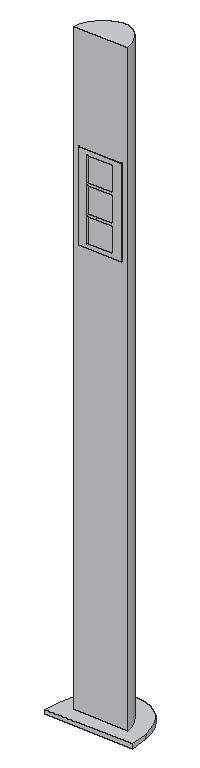
Revit family "Gira_134226", category Electrical Fixtures, host Face, Revit 2017
Family settings
  Host = Face
  Maintain Annotation Orientation = Yes
  Round Connector Dimension = Use Diameter
  Part Type = Normal
  Cut with Voids When Loaded = No
  Shared = No
  Room Calculation Point = No
Parameters (values of type "En.prof. light + 3x SCHUKO SH 769 mm Gira energy profile c.alum.")
  Width = "0,142"
  URL = "http://katalog.gira.de/en/datenblatt.html?artikelnr=134226"
  Switching function = "None"
  Number of socket outlets = "2"
  Name = "En.prof. light + 3x SCHUKO SH 769 mm Gira energy profile c.alum."
  Manufacturer URL = "https://www.gira.de/"
  Manufacturer = "Gira"
  Keynote = ""
  HeinzeBIM = "https://bimportal.heinze.de/bim/en-prof-light-3x-schuko-sh-769-mm-gira-energy-profile-c-alum-/f5eaa8759ed4a93ff027ce52888702f822e8b7cc"
  Height = "0,769"
  HAN = "134226"
  GTIN = "4010337342267"
  Description = "769 mm light 3x SCHUKO SH E-pro CAl,Gira energy profile with light element, height 769 mm,3 SCHUKO socket outlets with integrated enhanced contact protection (shutter) and symbol ,colour aluminium,Gira energy profile and light profiles with or without light elements for outdoor use. The profiles are made of powder-coated aluminium. For profiles of up to 1400 mm, the base elements are also made of powder-coated aluminium. For profiles of 1400 mm or more, the base elements are made of powder-coated steel. In each case, in the colour anthracite in accordance with the GSB standard. The surface is resistant to weather, UV, soiling, and scratching.,,Features:,- Gira energy profile with light element and three SCHUKO socket outlets.,- The light element consists of an aluminium reflector and an impact-resistant acrylic glass plate.,- Light is also emitted from the rear as orientation light.,- The top two socket outlets are rotated by 30.,- The connection is made using a 5-pole screw terminal for rigid and flexible conductors up to 4 mm 2.,,Notes :,- For profile heights up to 1400 mm, an optional ground anchor can be used to facilitate mounting on a stone or concrete base.,- For profile heights of more than 1400 mm, mounting on stone or concrete is only possible using 3 heavy-duty wall anchor.,- Recommendation: Mount an RCCB prior to the device.,- Single-wall plug mounting.,- Increased contact protection pursuant to DIN-VDE 0620-1.,- Light sources with E27 treading of the energy efficiency classes A++ to E can be used."
  Depth = "0,075"
  Default Elevation = 1219.2 mm
  Data sheet (1) = "https://katalog.gira.de/en/download.html?artikelnr=134226"
  Category = "Light/energy pole"
  BIM (1) = "https://media.stage.bim.site/public/gira/36a6b08/Energiesäule_3fach.rfa?public/gira/36a6b08/Energiesäule_3fach.rfa"
  Available = "No"
Reference planes
  plane 1 "Center (Front/Back)": y = 0
  plane 2: z = 0
  plane 3 "Center (Left/Right)": x = 0
Forms (mm)
  Extrusion 1, solid, detail levels fine
    sketch origin (0, 0, 0) x (1, 0, 0) y (0, 1, 0)
      loop
        arc (-110.443, -35.525) -> (-113.205, -58.763) -> (-114.575, -82.125) r 391.9
        line (-114.575, -82.125) -> (114.575, -82.125)
        arc (114.575, -82.125) -> (113.205, -58.763) -> (110.443, -35.525) r 391.9
        spline (110.443, -35.525) -> (103.119, -6.392) -> (90.176, 19.976) -> (72.318, 42.142) -> (50.519, 58.899) -> (25.967, 69.333) -> (0, 72.875) -> (-25.967, 69.333) -> (-50.519, 58.899) -> (-72.318, 42.142) -> (-90.176, 19.976) -> (-103.119, -6.392) -> (-110.443, -35.525)
      loop
        circle (-21, -1.125) r 16
      loop
        circle (21, -1.125) r 16
    from 0 to 10
  Extrusion 2, solid, detail levels medium+fine
    sketch origin (0, 0, 0) x (1, 0, 0) y (0, 1, 0)
      loop
        line (-71.007, -44.768) -> (71.007, -44.768)
        spline (71.007, -44.768) -> (69.375, -35.583) -> (66.984, -26.66) -> (63.862, -18.098) -> (60.041, -9.991) -> (55.564, -2.426) -> (50.479, 4.513) -> (44.843, 10.75) -> (38.716, 16.217) -> (32.167, 20.856) -> (25.265, 24.614) -> (18.088, 27.45) -> (10.713, 29.335)
        spline (10.713, 29.335) -> (8.658, 29.684) -> (6.596, 29.958) -> (4.528, 30.159) -> (2.457, 30.284) -> (0.384, 30.336) -> (-1.69, 30.312) -> (-3.762, 30.214) -> (-5.831, 30.041) -> (-7.896, 29.794) -> (-9.953, 29.473) -> (-12.003, 29.077) -> (-14.042, 28.609)
        spline (-14.042, 28.609) -> (-21.069, 26.397) -> (-27.883, 23.314) -> (-34.414, 19.39) -> (-40.597, 14.666) -> (-46.369, 9.189) -> (-51.67, 3.014) -> (-56.449, -3.796) -> (-60.655, -11.171) -> (-64.247, -19.038) -> (-67.189, -27.316) -> (-69.45, -35.922) -> (-71.007, -44.768)
    from 10 to 1606
  Extrusion 3, solid, detail levels fine
    sketch origin (0, 0, 0) x (1, 0, 0) y (0, 0, 1)
      loop
        line (-56, 1332) -> (-56, 1101.5) -> (56, 1101.5) -> (56, 1332) -> (-56, 1332)
      loop
        line (33.5, 1321.55) -> (-33.5, 1321.55) -> (-33.5, 1254.55) -> (33.5, 1254.55) -> (33.5, 1321.55)
      loop
        line (33.5, 1250.25) -> (-33.5, 1250.25) -> (-33.5, 1183.25) -> (33.5, 1183.25) -> (33.5, 1250.25)
      loop
        line (33.5, 1178.95) -> (-33.5, 1178.95) -> (-33.5, 1111.95) -> (33.5, 1111.95) -> (33.5, 1178.95)
    from 44.768 to 47
  Extrusion 4, solid, detail levels coarse
    sketch origin (0, 0, 0) x (1, 0, 0) y (0, 1, 0)
      loop
        line (114.575, 72.875) -> (-114.575, 72.875) -> (-114.575, -82.125) -> (114.575, -82.125) -> (114.575, 72.875)
    from 0 to 1616
  Extrusion 5, solid, detail levels medium
    sketch origin (0, 0, 0) x (1, 0, 0) y (0, 1, 0)
      loop
        arc (-110.443, -35.525) -> (-113.205, -58.763) -> (-114.575, -82.125) r 391.9
        line (-114.575, -82.125) -> (114.575, -82.125)
        arc (114.575, -82.125) -> (113.205, -58.763) -> (110.443, -35.525) r 391.9
        spline (110.443, -35.525) -> (103.119, -6.392) -> (90.176, 19.976) -> (72.318, 42.142) -> (50.519, 58.899) -> (25.967, 69.333) -> (0, 72.875) -> (-25.967, 69.333) -> (-50.519, 58.899) -> (-72.318, 42.142) -> (-90.176, 19.976) -> (-103.119, -6.392) -> (-110.443, -35.525)
    from 0 to 10
Dimensions and locks
  aligned and locked: plane 2 to host face
  aligned and locked: level to host face
  aligned and locked: plane 3 "Center (Left/Right)" to nested 1
  aligned and locked: plane 1 "Center (Front/Back)" to nested 1
Nested families
  nested 1: "Steckdose 3-fach Beschriftung" at (0, 0, 0), type "Steckdose 3-fach Beschriftung"
Connectors
  electrical at (0, -4.625, 0)
    settings: on Extrusion 4, index 1, voltage 220 V, apparent load 0 VA, apparent load phase1 0 VA, apparent load phase2 0 VA, apparent load phase3 0 VA, power factor 1, load classification "Other", number of poles 1, system type 30, power factor state 1, is connector primary yes, connector utility no, sub classification motor no, connector description ""
Definition of nested family "Steckdose 3-fach Beschriftung"
  Reference planes
    plane 1: y = 0
    plane 2: x = 0
  Lines and regions (mm)
    detail lines
      curve 1: line (0, 0, 0) -> (0, 2, 0)
      curve 2: line (-1, 2, 0) -> (1, 2, 0)
      curve 4: arc (-1, 3, 0) -> (0, 2, 0) -> (1, 3, 0) r 1
      curve 6: line (1, 2, 0) -> (3, 2, 0)
      curve 7: arc (1, 3, 0) -> (2, 2, 0) -> (3, 3, 0) r 1
      curve 8: line (-3, 2, 0) -> (-1, 2, 0)
      curve 9: arc (-3, 3, 0) -> (-2, 2, 0) -> (-1, 3, 0) r 1
    reference lines
      curve 3: line (-1.485, 3, 0) -> (1.315, 3, 0)
      curve 5: line (0, 1, 0) -> (-1, 1, 0)
  Dimensions and locks
    curve 1 to curve 1 = 2 mm
    curve 2 to curve 2 = 2 mm
    plane 1 to curve 3 = 3 mm
